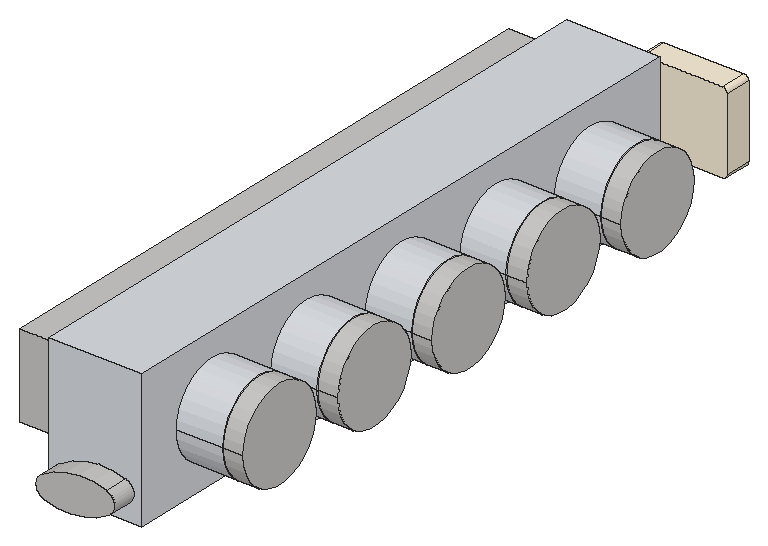
Revit family "HVAC_Ductwork_Airzone_Motorized-Plenum_Toshiba_Standard_5-Dampers", category Mechanical Equipment, Revit 2016
Family settings
  Part Type = Normal
  Round Connector Dimension = Use Diameter
  OmniClass Number = 23.75.70.14
  OmniClass Title = Air Ductwork
  Work Plane-Based = No
  Always vertical = Yes
  Cut with Voids When Loaded = No
  Shared = No
  Room Calculation Point = No
Parameters (values of type "TOSST04L5")
  Voltage = 230 V
  URL = "www.airzone.es"
  Type Image Comments = "Image available in product documentation download"  # constant formula
  Revit Model Version = "1.0"  # constant formula
  Revit Model Author URL = "www.a3d.es"
  Revit Model Author = "A3D Consulting"  # constant formula
  Product Documentation Download URL = "http://doc.airzone.es/BIM/Easyzone/Toshiba-Airzone_motorized_plenum.zip"
  Product Comments = "Refer to technical documentation for further details"  # constant formula
  Power Factor = 1
  Neck Width = 1343.600 mm
  Neck Length = 95.000 mm
  Neck Height = 183.600 mm
  Material = Metal - AIRZONE - Galvanized Sheet - Semi-polished
  Main Control Board Material = Plastic - AIRZONE - Smooth - Off-white
  Load Classification = Other
  Insulated Body Width = 205.000 mm  # constant formula
  Insulated Body Material = Metal -AIRZONE - Insulating Lining -Aluminum Finish
  Insulated Body Length = 1425.000 mm  # constant formula
  Insulated Body Height = 300.000 mm  # constant formula
  Flow [instance] = Damper 5 Air Flow + Damper 4 Air Flow + Damper 3 Air Flow + Damper 2 Air Flow + Damper 1 Air Flow - Fresh Air Inlet 2 Flow - Fresh Air Inlet 1 Flow  # 1500 m³/h
  Fresh Air Inlet 1 Flow [instance] = 0 m³/h
  Fresh Air Inlet 2 Flow [instance] = 0 m³/h
  Fresh Air Inlet Connection Width = 175.000 mm
  Fresh Air Inlet Connection Height = 75.000 mm
  Model = "TOSST04L5"
  Neck Side Offset = 40.700 mm
  Neck Bottom Offset = 83.200 mm
  Type Image = <None>
  Manufacturer = "AIRZONE"  # constant formula
  Main Control Board Depth = 57.000 mm  # constant formula
  Main Control Board Width = 195.000 mm  # constant formula
  Main Control Board Height = 180.000 mm  # constant formula
  Fixing = ""
  Disclaimer = "All information provided in this model is reviewed before being published. However, Airzone cannot guarantee this model is error-free, therefore users are strongly encouraged to check for technical documentation and updates"  # constant formula
  Description = "Airzone standard motorized plenum with neck that mechanically adapts to the main ducted AC units of Toshiba."
  Type Comments = ""
  Dampers Length = 149.000 mm  # constant formula
  Dampers Diameter = 200.000 mm  # constant formula
  Damper 5 Air Flow [instance] = 300 m³/h
  Damper 4 Air Flow [instance] = 300 m³/h
  Damper 1 Air Flow [instance] = 300 m³/h
  Damper 2 Air Flow [instance] = 300 m³/h
  Damper 3 Air Flow [instance] = 300 m³/h
  Fresh Air Inlet Connection Offset Height = 48.305 mm  # constant formula
  Compatible Accesories = ""
  Apparent Load = 57.5 VA
Types (10, lengths in mm): name | Neck Width | Neck Height | Model | Neck Side Offset | Neck Bottom Offset
  TOSST04L5 | 1343.600 | 183.600 | "TOSST04L5" | 40.700 | 83.200
  TOSST04M5 | 943.600 | 183.600 | "TOSST04M5" | 240.700 | 83.200
  TOSST03L5 | 1343.600 | 183.600 | "TOSST03L5" | 40.700 | 83.200
  TOSST03M5 | 943.600 | 183.600 | "TOSST03M5" | 240.700 | 83.200
  TOSST03S5 | 643.600 | 183.600 | "TOSST03S5" | 390.700 | 83.200
  TOSST02L5 | 1155.600 | 220.600 | "TOSST02L5" | 174.700 | 39.700
  TOSST02M5 | 805.600 | 220.600 | "TOSST02M5" | 349.700 | 39.700
  TOSST02S5 | 505.600 | 220.600 | "TOSST02S5" | 499.700 | 39.700
  TOSST01L5 | 1163.600 | 213.600 | "TOSST01L5" | 170.700 | 48.200
  TOSST01M5 | 813.600 | 213.600 | "TOSST01M5" | 345.700 | 48.200
Reference planes
  plane 1 "Center (Front/Back)": y = 0
  plane 2 "Center (Elevation)": z = 0
  plane 3 "Center (Left/Right)": x = 0
  plane 4 "Neck Back": y = 671.8
  plane 5 "Neck Front": y = -671.8
  plane 6 "Neck Top": z = 91.8
  plane 7 "Neck Bottom": z = -91.8
  plane 8 "Left": x = 95
  plane 9 "Bottom": z = -175
  plane 10 "Top": z = 125
  plane 11 "Front": y = -712.5
  plane 12 "Back": y = 712.5
  plane 13 "Right": x = 300
  plane 14 "Dampers Front": x = 449
  plane 15 "Dampers Center (Elevation)": z = -25
  plane 16 "Damper3": y = 0
  plane 17 "Damper2": y = 260
  plane 18 "Damper1": y = 520
  plane 19 "Middle": y = 0
  plane 20 "FreshAir Center (Elevation)": z = -126.695
  plane 21 "FreshAir1": y = 765
  plane 22 "FreshAir2": y = -765
  plane 23 "Dampers Lining": x = 404
  plane 24 "FreshAir Vertical Axis": x = 195.83
  plane 25 "ConnectionBox Side": x = 254
  plane 26 "Main Control Board Center (Left/Right)": x = 351.5
  plane 27 "Damper4": y = -260
  plane 28 "Damper5": y = -520
Forms (mm)
  Extrusion 1, solid, material "Metal - AIRZONE - Galvanized Sheet - Semi-polished" <- "Material"
    sketch origin (0, 0, 0) x (0, 1, 0) y (0, 0, 1)
      loop
        line (-671.8, 91.8) -> (-671.8, -91.8) -> (671.8, -91.8) -> (671.8, 91.8) -> (-671.8, 91.8)
    from 0 to 95
  Extrusion 2, solid, material "Metal -AIRZONE - Insulating Lining -Aluminum Finish" <- "Insulated Body Material"
    sketch origin (95, 0, 0) x (0, 1, 0) y (0, 0, 1)
      loop
        line (-712.5, 125) -> (-712.5, -175) -> (712.5, -175) -> (712.5, 125) -> (-712.5, 125)
    from 0 to 205
  Extrusion 3, solid, material "Metal - AIRZONE - Galvanized Sheet - Semi-polished" <- "Material"
    sketch origin (300, 0, 0) x (0, 1, 0) y (0, 0, 1)
      loop
        circle (0, -25) r 100
    from 104 to 149
  Extrusion 4, solid, material "Metal - AIRZONE - Galvanized Sheet - Semi-polished" <- "Material"
    sketch origin (300, 0, 0) x (0, 1, 0) y (0, 0, 1)
      loop
        circle (260, -25) r 100
    from 104 to 149
  Extrusion 5, solid, material "Metal - AIRZONE - Galvanized Sheet - Semi-polished" <- "Material"
    sketch origin (300, 0, 0) x (0, 1, 0) y (0, 0, 1)
      loop
        circle (520, -25) r 100
    from 104 to 149
  Extrusion 6, solid, material "Metal - AIRZONE - Galvanized Sheet - Semi-polished" <- "Material"
    sketch origin (0, -712.5, 0) x (0, 0, 1) y (1, 0, 0)
      loop
        arc (-94.141, 265.204) -> (-115.608, 282.105) -> (-140.312, 270.434) r 25.96
        arc (-140.312, 270.434) -> (-166.302, 200.598) -> (-158.849, 126.456) r 164.67
        arc (-158.849, 126.456) -> (-137.665, 109.589) -> (-112.994, 120.751) r 25.96
        arc (-112.994, 120.751) -> (-86.725, 190.78) -> (-94.141, 265.204) r 164.67
    from 0 to -52.5
  Extrusion 7, solid, material "Metal - AIRZONE - Galvanized Sheet - Semi-polished" <- "Material"
    sketch origin (0, 712.5, 0) x (0, 0, 1) y (1, 0, 0)
      loop
        arc (-94.141, 265.204) -> (-115.325, 282.071) -> (-139.996, 270.909) r 25.96
        arc (-139.996, 270.909) -> (-166.179, 201.53) -> (-159.267, 127.699) r 164.67
        arc (-159.267, 127.699) -> (-138.032, 109.637) -> (-112.678, 121.226) r 25.96
        arc (-112.678, 121.226) -> (-86.688, 191.062) -> (-94.141, 265.204) r 164.67
    from 0 to 52.5
  Extrusion 8, solid, material "Metal -AIRZONE - Insulating Lining -Aluminum Finish" <- "Insulated Body Material"
    sketch origin (300, 0, 0) x (0, 1, 0) y (0, 0, 1)
      loop
        circle (520, -25) r 100
    from 0 to 104
  Extrusion 9, solid, material "Metal -AIRZONE - Insulating Lining -Aluminum Finish" <- "Insulated Body Material"
    sketch origin (300, -260, 0) x (0, 1, 0) y (0, 0, 1)
      loop
        circle (520, -25) r 100
    from 0 to 104
  Extrusion 10, solid, material "Metal -AIRZONE - Insulating Lining -Aluminum Finish" <- "Insulated Body Material"
    sketch origin (300, -520, 0) x (0, 1, 0) y (0, 0, 1)
      loop
        circle (520, -25) r 100
    from 0 to 104
  Extrusion 11, solid, material "Metal - AIRZONE - Galvanized Sheet - Semi-polished" <- "Material"
    sketch origin (300, -190, 0) x (0, 1, 0) y (0, 0, 1)
      loop
        circle (-70, -25) r 100
    from 104 to 149
  Extrusion 12, solid, material "Metal -AIRZONE - Insulating Lining -Aluminum Finish" <- "Insulated Body Material"
    sketch origin (300, -710, 0) x (0, 1, 0) y (0, 0, 1)
      loop
        circle (450, -25) r 100
    from 0 to 104
  Extrusion 13, solid, material "Metal -AIRZONE - Insulating Lining -Aluminum Finish" <- "Insulated Body Material"
    sketch origin (300, -970, 0) x (0, 1, 0) y (0, 0, 1)
      loop
        circle (450, -25) r 100
    from 0 to 104
  Extrusion 14, solid, material "Metal - AIRZONE - Galvanized Sheet - Semi-polished" <- "Material"
    sketch origin (300, -450, 0) x (0, 1, 0) y (0, 0, 1)
      loop
        circle (-70, -25) r 100
    from 104 to 149
Lines and regions (mm)
  Masking region 1
    outline origin (0, 0, 0) x (1, 0, 0) y (0, 1, 0)
      loop
        line (95, 712.5) -> (95, -712.5) -> (300, -712.5) -> (300, 712.5) -> (95, 712.5)
  Masking region 2, detail levels medium+fine
    outline origin (0, 0, 0) x (1, 0, 0) y (0, 1, 0)
      loop
        line (0, 671.8) -> (0, -671.8) -> (95, -671.8) -> (95, 671.8) -> (0, 671.8)
  Masking region 3, detail levels medium+fine
    outline origin (0, 0, 0) x (1, 0, 0) y (0, 1, 0)
      loop
        line (300, 100) -> (300, -100) -> (449, -100) -> (449, 100) -> (300, 100)
  Masking region 4, detail levels medium+fine
    outline origin (0, 260, 0) x (1, 0, 0) y (0, 1, 0)
      loop
        line (300, 100) -> (300, -100) -> (449, -100) -> (449, 100) -> (300, 100)
  Masking region 5, detail levels medium+fine
    outline origin (0, 520, 0) x (1, 0, 0) y (0, 1, 0)
      loop
        line (300, 100) -> (300, -100) -> (449, -100) -> (449, 100) -> (300, 100)
  Masking region 6, detail levels medium+fine
    outline origin (0, 0, -126.695) x (1, 0, 0) y (0, 1, 0)
      loop
        line (108.33, 765) -> (108.33, 712.5) -> (283.33, 712.5) -> (283.33, 765) -> (108.33, 765)
  Masking region 7, detail levels medium+fine
    outline origin (0, 0, -126.695) x (1, 0, 0) y (0, 1, 0)
      loop
        line (108.33, -712.5) -> (108.33, -765) -> (283.33, -765) -> (283.33, -712.5) -> (108.33, -712.5)
  Masking region 8, detail levels medium+fine
    outline origin (0, 0, 125) x (0, -1, 0) y (1, 0, 0)
      loop
        line (-769.5, 254) -> (-712.5, 254) -> (-712.5, 449) -> (-769.5, 449) -> (-769.5, 254)
  Masking region 9, detail levels medium+fine
    outline origin (0, -190, 0) x (1, 0, 0) y (0, 1, 0)
      loop
        line (300, 30) -> (300, -170) -> (449, -170) -> (449, 30) -> (300, 30)
  Masking region 10, detail levels medium+fine
    outline origin (0, -450, 0) x (1, 0, 0) y (0, 1, 0)
      loop
        line (300, 30) -> (300, -170) -> (449, -170) -> (449, 30) -> (300, 30)
  symbolic lines, detail levels coarse
    curve 1: line (95, -712.5, 0) -> (300, 0, 0)
    curve 2: line (300, 0, 0) -> (95, 712.5, 0)
Dimensions and locks
  equal spacing: plane 4 "Neck Back", plane 1 "Center (Front/Back)", plane 5 "Neck Front"
  "Neck Width": plane 4 "Neck Back" to plane 5 "Neck Front"
  equal spacing: plane 6 "Neck Top", level, plane 7 "Neck Bottom"
  "Neck Height": plane 6 "Neck Top" to plane 7 "Neck Bottom"
  "Neck Length": plane 3 "Center (Left/Right)" to plane 8 "Left"
  "Neck Bottom Offset": plane 7 "Neck Bottom" to plane 9 "Bottom"
  "Insulated Body Height": plane 10 "Top" to plane 9 "Bottom"
  "Insulated Body Length": plane 12 "Back" to plane 11 "Front"
  "Insulated Body Width": plane 8 "Left" to plane 13 "Right"
  "Dampers Length": plane 13 "Right" to plane 14 "Dampers Front"
  equal spacing: plane 10 "Top", plane 15 "Dampers Center (Elevation)", plane 9 "Bottom"
  equal spacing: plane 12 "Back", plane 19 "Middle", plane 11 "Front"
  plane 8 "Left" to plane 13 "Right" = 205.000 mm
  "Fresh Air Inlet Connection Offset Height": plane 20 "FreshAir Center (Elevation)" to plane 9 "Bottom"
  locked: Extrusion 6 sketch curve to plane 9 "Bottom" at 56.47
  locked: plane 13 "Right" to Extrusion 6 sketch curve at 43.69
  locked: plane 13 "Right" to Extrusion 6 sketch curve at 164.65
  locked: Extrusion 6 sketch curve to plane 9 "Bottom" at 40.54
  locked: plane 13 "Right" to Extrusion 6 sketch curve at 87.91
  locked: plane 9 "Bottom" to Extrusion 6 sketch curve at 75.01
  locked: plane 13 "Right" to Extrusion 6 sketch curve at 120.43
  locked: Extrusion 6 sketch curve to plane 9 "Bottom" at 172.02
  locked: plane 13 "Right" to Extrusion 7 sketch curve at 43.69
  locked: Extrusion 7 sketch curve to plane 9 "Bottom" at 56.47
  locked: Extrusion 7 sketch curve to plane 9 "Bottom" at 40.54
  locked: plane 13 "Right" to Extrusion 7 sketch curve at 164.65
  locked: plane 13 "Right" to Extrusion 7 sketch curve at 120.43
  locked: Extrusion 7 sketch curve to plane 9 "Bottom" at 172.02
  locked: plane 9 "Bottom" to Extrusion 7 sketch curve at 75.01
  locked: plane 13 "Right" to Extrusion 7 sketch curve at 87.91
  "Neck Side Offset": plane 12 "Back" to plane 4 "Neck Back"
  locked: plane 21 "FreshAir1" to plane 12 "Back" at 52.5
  plane 11 "Front" to plane 22 "FreshAir2" = 52.500 mm
  locked: connector elem to plane 13 "Right" at 104.17
  locked: plane 20 "FreshAir Center (Elevation)" to connector elem
  locked: plane 13 "Right" to connector elem at 104.17
  locked: connector elem to plane 20 "FreshAir Center (Elevation)"
  locked: plane 23 "Dampers Lining" to plane 14 "Dampers Front" at 45
  locked: plane 24 "FreshAir Vertical Axis" to plane 13 "Right" at 104.17
  equal spacing: Masking region 3 sketch curve, plane 16 "Damper3", Masking region 3 sketch curve
  "Dampers Diameter": Masking region 3 sketch curve to Masking region 3 sketch curve
  "Dampers Diameter": Masking region 4 sketch curve to Masking region 4 sketch curve
  equal spacing: Masking region 5 sketch curve, plane 18 "Damper1", Masking region 5 sketch curve
  "Dampers Diameter": Masking region 5 sketch curve to Masking region 5 sketch curve
  equal spacing: Masking region 6 sketch curve, plane 24 "FreshAir Vertical Axis", Masking region 6 sketch curve
  "Fresh Air Inlet Connection Width": Masking region 6 sketch curve to Masking region 6 sketch curve
  equal spacing: Masking region 7 sketch curve, plane 24 "FreshAir Vertical Axis", Masking region 7 sketch curve
  "Fresh Air Inlet Connection Width": Masking region 7 sketch curve to Masking region 7 sketch curve
  "Main Control Board Depth": Masking region 8 sketch curve to plane 12 "Back"
  "Main Control Board Width": plane 25 "ConnectionBox Side" to plane 14 "Dampers Front"
  equal spacing: plane 25 "ConnectionBox Side", plane 26 "Main Control Board Center (Left/Right)", plane 14 "Dampers Front"
  locked: nested 1 to plane 10 "Top" at 10
  equal spacing: Masking region 4 sketch curve, plane 17 "Damper2", Masking region 4 sketch curve
  equal spacing: Masking region 9 sketch curve, plane 27 "Damper4", Masking region 9 sketch curve
  "Dampers Diameter": Masking region 9 sketch curve to Masking region 9 sketch curve
  plane 18 "Damper1" to plane 17 "Damper2" to plane 16 "Damper3" to plane 27 "Damper4" to plane 28 "Damper5" = 260.000 mm locked, 260.000 mm locked, 260.000 mm locked, 260.000 mm locked
  locked: plane 19 "Middle" to plane 16 "Damper3"
  equal spacing: Masking region 10 sketch curve, plane 28 "Damper5", Masking region 10 sketch curve
  "Dampers Diameter": Masking region 10 sketch curve to Masking region 10 sketch curve
  "Dampers Diameter": diameter of Extrusion 3 sketch curve
  "Dampers Diameter": diameter of Extrusion 4 sketch curve
  "Dampers Diameter": diameter of Extrusion 5 sketch curve
  radius of Extrusion 7 sketch curve = 164.670 mm  (x2)
  radius of Extrusion 7 sketch curve = 25.960 mm  (x2)
  radius of Extrusion 6 sketch curve = 164.670 mm  (x2)
  radius of Extrusion 6 sketch curve = 25.960 mm  (x2)
  "Dampers Diameter": diameter of Extrusion 8 sketch curve
  "Dampers Diameter": diameter of Extrusion 9 sketch curve
  "Dampers Diameter": diameter of Extrusion 10 sketch curve
  "Dampers Diameter": diameter of Extrusion 11 sketch curve
  "Dampers Diameter": diameter of Extrusion 12 sketch curve
  "Dampers Diameter": diameter of Extrusion 13 sketch curve
  "Dampers Diameter": diameter of Extrusion 14 sketch curve
  aligned and locked: level to plane 2 "Center (Elevation)"
  aligned and locked: plane 5 "Neck Front" to Extrusion 1 sketch curve
  aligned and locked: Extrusion 1 sketch curve to plane 6 "Neck Top"
  aligned and locked: Extrusion 1 sketch curve to plane 4 "Neck Back"
  aligned and locked: plane 7 "Neck Bottom" to Extrusion 1 sketch curve
  aligned and locked: Extrusion 1 to plane 3 "Center (Left/Right)"
  aligned and locked: Extrusion 2 sketch curve to plane 10 "Top"
  aligned and locked: Extrusion 2 sketch curve to plane 12 "Back"
  aligned and locked: plane 9 "Bottom" to Extrusion 2 sketch curve
  aligned and locked: plane 11 "Front" to Extrusion 2 sketch curve
  aligned and locked: plane 13 "Right" to Extrusion 2
  aligned and locked: Extrusion 2 to plane 8 "Left"
  aligned and locked: plane 16 "Damper3" to Extrusion 3 sketch curve
  aligned and locked: plane 15 "Dampers Center (Elevation)" to Extrusion 3 sketch curve
  aligned and locked: plane 15 "Dampers Center (Elevation)" to Extrusion 4 sketch curve
  aligned and locked: plane 18 "Damper1" to Extrusion 5 sketch curve
  aligned and locked: plane 15 "Dampers Center (Elevation)" to Extrusion 5 sketch curve
  aligned and locked: plane 14 "Dampers Front" to Extrusion 5
  aligned and locked: plane 14 "Dampers Front" to Extrusion 4
  aligned and locked: plane 14 "Dampers Front" to Extrusion 3
  aligned and locked: plane 8 "Left" to Extrusion 1
  aligned and locked: plane 22 "FreshAir2" to Extrusion 6
  aligned and locked: plane 21 "FreshAir1" to Extrusion 7
  aligned and locked: Extrusion 7 to plane 12 "Back"
  aligned and locked: plane 11 "Front" to Extrusion 6
  aligned and locked: Extrusion 5 to plane 23 "Dampers Lining"
  aligned and locked: Extrusion 5 to Extrusion 4
  aligned and locked: Extrusion 4 to Extrusion 3
  aligned and locked: plane 23 "Dampers Lining" to Extrusion 8
  aligned and locked: Extrusion 10 to plane 13 "Right"
  aligned and locked: plane 23 "Dampers Lining" to Extrusion 10
  aligned and locked: Extrusion 9 to plane 13 "Right"
  aligned and locked: plane 23 "Dampers Lining" to Extrusion 9
  aligned and locked: Extrusion 8 to plane 13 "Right"
  aligned and locked: Extrusion 9 to Extrusion 8
  aligned and locked: plane 18 "Damper1" to Extrusion 8 sketch curve
  aligned and locked: plane 15 "Dampers Center (Elevation)" to Extrusion 8 sketch curve
  aligned and locked: plane 15 "Dampers Center (Elevation)" to Extrusion 9 sketch curve
  aligned and locked: plane 16 "Damper3" to Extrusion 10 sketch curve
  aligned and locked: plane 15 "Dampers Center (Elevation)" to Extrusion 10 sketch curve
  aligned and locked: Masking region 1 sketch curve to plane 12 "Back"
  aligned and locked: plane 8 "Left" to Masking region 1 sketch curve
  aligned and locked: Masking region 1 sketch curve to plane 13 "Right"
  aligned and locked: plane 11 "Front" to Masking region 1 sketch curve
  aligned and locked: plane 5 "Neck Front" to Masking region 2 sketch curve
  aligned and locked: plane 3 "Center (Left/Right)" to Masking region 2 sketch curve
  aligned and locked: Masking region 2 sketch curve to plane 4 "Neck Back"
  aligned and locked: Masking region 2 sketch curve to plane 8 "Left"
  aligned and locked: plane 13 "Right" to Masking region 3 sketch curve
  aligned and locked: Masking region 3 sketch curve to plane 14 "Dampers Front"
  aligned and locked: plane 13 "Right" to Masking region 4 sketch curve
  aligned and locked: Masking region 4 sketch curve to plane 14 "Dampers Front"
  aligned and locked: plane 13 "Right" to Masking region 5 sketch curve
  aligned and locked: Masking region 5 sketch curve to plane 14 "Dampers Front"
  aligned and locked: plane 12 "Back" to Masking region 6 sketch curve
  aligned and locked: Masking region 6 sketch curve to plane 21 "FreshAir1"
  aligned and locked: Masking region 7 sketch curve to plane 11 "Front"
  aligned and locked: Masking region 7 sketch curve to plane 22 "FreshAir2"
  aligned and locked: plane 12 "Back" to Masking region 8 sketch curve
  aligned and locked: Masking region 8 sketch curve to plane 14 "Dampers Front"
  aligned and locked: plane 25 "ConnectionBox Side" to Masking region 8 sketch curve
  aligned and locked: plane 17 "Damper2" to Extrusion 9 sketch curve
  aligned and locked: plane 17 "Damper2" to Extrusion 4 sketch curve
  aligned and locked: Masking region 9 sketch curve to plane 14 "Dampers Front"
  aligned and locked: plane 13 "Right" to Masking region 9 sketch curve
  aligned and locked: Extrusion 12 to plane 13 "Right"
  aligned and locked: plane 23 "Dampers Lining" to Extrusion 12
  aligned and locked: Extrusion 11 to plane 23 "Dampers Lining"
  aligned and locked: plane 14 "Dampers Front" to Extrusion 11
  aligned and locked: plane 15 "Dampers Center (Elevation)" to Extrusion 12 sketch curve
  aligned and locked: plane 27 "Damper4" to Extrusion 12 sketch curve
  aligned and locked: plane 15 "Dampers Center (Elevation)" to Extrusion 11 sketch curve
  aligned and locked: plane 27 "Damper4" to Extrusion 11 sketch curve
  aligned and locked: Masking region 10 sketch curve to plane 14 "Dampers Front"
  aligned and locked: plane 13 "Right" to Masking region 10 sketch curve
  aligned and locked: plane 28 "Damper5" to Extrusion 13 sketch curve
  aligned and locked: plane 15 "Dampers Center (Elevation)" to Extrusion 13 sketch curve
  aligned and locked: Extrusion 14 to plane 23 "Dampers Lining"
  aligned and locked: plane 14 "Dampers Front" to Extrusion 14
  aligned and locked: plane 15 "Dampers Center (Elevation)" to Extrusion 14 sketch curve
  aligned and locked: plane 28 "Damper5" to Extrusion 14 sketch curve
  aligned and locked: nested 1 to plane 26 "Main Control Board Center (Left/Right)"
Automatic sketch dimensions
  curve 2 to plane 8 "Left" = 0.000 mm
  curve 1 to plane 8 "Left" = 0.000 mm
  curve 2 to plane 13 "Right" = 0.000 mm
  curve 1 to plane 11 "Front" = 0.000 mm
  curve 2 to plane 16 "Damper3" = 0.000 mm
  curve 2 to plane 12 "Back" = 0.000 mm
Nested families
  nested 1: "Airzone_Main-Control-Board" at (351.5, 712.5, 25) x (-1, 0, 0) z (0, 1, 0), Extrusion <- "Main Control Board Depth", Height <- "Main Control Board Height", Width <- "Main Control Board Width", Material <- "Main Control Board Material", type "Standard"
    with Width 195.000 mm, Material Plastic - AIRZONE - Smooth - Off-white, Height 180.000 mm, Extrusion 57.000 mm
Connectors
  hvac at (449, 0, -25), driven by "Damper 3 Air Flow", driven by "Dampers Diameter"
    settings: on Extrusion 3, index 1, duct flow 300 m³/h, flow factor 0, pres drop 0.0 Pa, loss coef 0, conn angle 0.00°, conn width 304.8 mm, conn height 304.8 mm, conn diameter 200 mm, duct sys type 1, conn prof type 0, flow config 0, flow direction 2, loss method 0, conn ref index -1, conn util no, is conn primary no, conn desc "Supply Air Out 3"
  hvac at (449, 260, -25), driven by "Damper 2 Air Flow", driven by "Dampers Diameter"
    settings: on Extrusion 4, index 2, duct flow 300 m³/h, flow factor 0, pres drop 0.0 Pa, loss coef 0, conn angle 0.00°, conn width 304.8 mm, conn height 304.8 mm, conn diameter 200 mm, duct sys type 1, conn prof type 0, flow config 0, flow direction 2, loss method 0, conn ref index -1, conn util no, is conn primary no, conn desc "Supply Air Out 2"
  hvac at (449, 520, -25), driven by "Damper 1 Air Flow", driven by "Dampers Diameter"
    settings: on Extrusion 5, index 3, duct flow 300 m³/h, flow factor 0, pres drop 0.0 Pa, loss coef 0, conn angle 0.00°, conn width 304.8 mm, conn height 304.8 mm, conn diameter 200 mm, duct sys type 1, conn prof type 0, flow config 0, flow direction 2, loss method 0, conn ref index -1, conn util no, is conn primary no, conn desc "Supply Air Out 1"
  hvac at (0, 0, 0), driven by "Flow", driven by "Neck Height", driven by "Neck Width"
    settings: on Extrusion 1, index 6, duct flow 1500 m³/h, flow factor 0, pres drop 0.0 Pa, loss coef 0, conn angle 0.00°, conn width 1343.6 mm, conn height 183.6 mm, conn diameter 609.6 mm, duct sys type 1, conn prof type 1, flow config 1, flow direction 1, loss method 0, conn ref index -1, conn util no, is conn primary yes, conn desc "Supply Air In"
  hvac at (195.83, -765, -126.695), driven by "Fresh Air Inlet 2 Flow", driven by "Fresh Air Inlet Connection Width", driven by "Fresh Air Inlet Connection Height"
    settings: index 7, duct flow 0 m³/h, flow factor 0, pres drop 0.0 Pa, loss coef 0, conn angle 0.00°, conn width 175 mm, conn height 75 mm, conn diameter 609.6 mm, duct sys type 1, conn prof type 2, flow config 1, flow direction 1, loss method 0, conn ref index -1, conn util no, is conn primary no, conn desc "Fresh Air In 2"
  hvac at (195.83, 765, -126.695), driven by "Fresh Air Inlet 1 Flow", driven by "Fresh Air Inlet Connection Height", driven by "Fresh Air Inlet Connection Width"
    settings: index 8, duct flow 0 m³/h, flow factor 0, pres drop 0.0 Pa, loss coef 0, conn angle 0.00°, conn width 175 mm, conn height 75 mm, conn diameter 609.6 mm, duct sys type 1, conn prof type 2, flow config 1, flow direction 1, loss method 0, conn ref index -1, conn util no, is conn primary no, conn desc "Fresh Air In 1"
  hvac at (449, -260, -25), driven by "Damper 4 Air Flow", driven by "Dampers Diameter"
    settings: on Extrusion 11, index 9, duct flow 300 m³/h, flow factor 0, pres drop 0.0 Pa, loss coef 0, conn angle 0.00°, conn width 304.8 mm, conn height 304.8 mm, conn diameter 200 mm, duct sys type 1, conn prof type 0, flow config 0, flow direction 2, loss method 0, conn ref index -1, conn util no, is conn primary no, conn desc "Supply Air Out 4"
  hvac at (449, -520, -25), driven by "Damper 5 Air Flow", driven by "Dampers Diameter"
    settings: on Extrusion 14, index 10, duct flow 300 m³/h, flow factor 0, pres drop 0.0 Pa, loss coef 0, conn angle 0.00°, conn width 304.8 mm, conn height 304.8 mm, conn diameter 200 mm, duct sys type 1, conn prof type 0, flow config 0, flow direction 2, loss method 0, conn ref index -1, conn util no, is conn primary no, conn desc "Supply Air Out 5"
  electrical at (351.5, 769.5, 25), driven by "Load Classification", driven by "Voltage", driven by "Apparent Load", driven by "Power Factor"
    settings: on nested 1, index 11, voltage 230 V, apparent load 57.5 VA, apparent load phase1 0 VA, apparent load phase2 0 VA, apparent load phase3 0 VA, power factor 1, load classification "Other", number of poles 1, system type 30, power factor state 1, is connector primary yes, connector utility no, sub classification motor no, connector description "Power Supply"
Definition of nested family "Airzone_Main-Control-Board"
  Parameters (values of type "Standard")
    Width [instance] = 195.000 mm
    URL = "www.airzone.es"
    Revit Model Version = "1.0"  # constant formula
    Revit Model Author URL = "www.a3d.es"
    Revit Model Author = "A3D Consulting"  # constant formula
    Material [instance] = none
    Manufacturer = "AIRZONE"  # constant formula
    Height [instance] = 180.000 mm
    Extrusion [instance] = 57.000 mm
    Default Elevation = 0.000 mm
  Reference planes
    plane 1 "Center (Front/Back)": y = 0
    plane 2: z = 0
    plane 3 "Center (Left/Right)": x = 0
    plane 4: y = 90
    plane 5: y = -90
    plane 6: x = 97.5
    plane 7: x = -97.5
  Forms (mm)
    Extrusion 1, solid, material <- "Material"
      sketch origin (0, 0, 0) x (1, 0, 0) y (0, 1, 0)
        loop
          arc (-87.5, 90) -> (-94.571, 87.071) -> (-97.5, 80) r 10
          line (-97.5, 80) -> (-97.5, -80)
          arc (-97.5, -80) -> (-94.571, -87.071) -> (-87.5, -90) r 10
          line (-87.5, -90) -> (87.5, -90)
          arc (87.5, -90) -> (94.571, -87.071) -> (97.5, -80) r 10
          line (97.5, -80) -> (97.5, 80)
          arc (97.5, 80) -> (94.571, 87.071) -> (87.5, 90) r 10
          line (87.5, 90) -> (-87.5, 90)
      from 0 to 57 <- "Extrusion"
  Dimensions and locks
    equal spacing: plane 7, plane 3 "Center (Left/Right)", plane 6
    equal spacing: plane 4, plane 1 "Center (Front/Back)", plane 5
    "Width": plane 7 to plane 6
    "Height": plane 4 to plane 5
    radius of Extrusion 1 sketch curve = 10.000 mm  (x4)
    aligned and locked: level to plane 2
    aligned and locked: plane 5 to Extrusion 1 sketch curve
    aligned and locked: Extrusion 1 sketch curve to plane 6
    aligned and locked: Extrusion 1 sketch curve to plane 4
    aligned and locked: plane 7 to Extrusion 1 sketch curve
